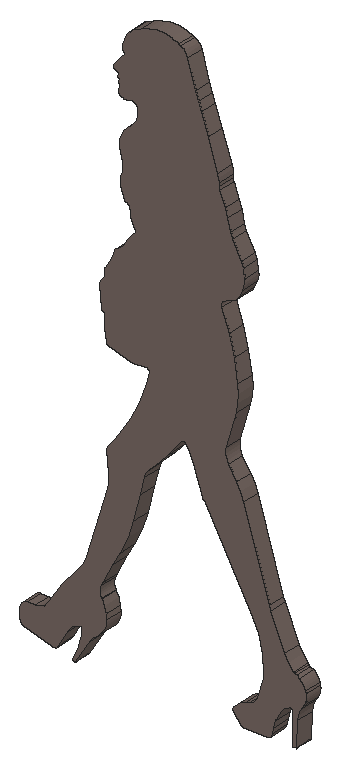
Revit family
Parameters
  Human Finish [instance] = Human Flesh
  Human Depth [instance] = 0' - 2"
Reference planes (in)
  plane 1 "Center (Front/Back)": y = 0
  plane 2: z = 0
  plane 3 "Center (Left/Right)": x = 0
  plane 4: z = 70
Forms (in)
  Extrusion 1, solid, material "Human Flesh" <- "Human Finish"
    sketch origin (0, 0, 0) x (1, 0, 0) y (0, 0, 1)
      loop
        arc (-9.78459, 0.01997) -> (-9.75392, 0.01567) -> (-9.72888, 0.0339) r 0.04131
        line (-9.72888, 0.0339) -> (-7.94922, 2.89058)
        arc (-7.94922, 2.89058) -> (-7.58617, 3.36471) -> (-7.13905, 3.76056) r 3.10431
        line (-7.13905, 3.76056) -> (-6.84131, 3.97689)
        arc (-6.84131, 3.97689) -> (-6.18979, 4.78145) -> (-6.02783, 5.80398) r 2
        line (-6.02783, 5.80398) -> (-6.0872, 6.36879)
        arc (-6.0872, 6.36879) -> (-6.24311, 7.11837) -> (-6.54533, 7.82182) r 3.82093
        line (-6.54533, 7.82182) -> (-6.58643, 7.89595)
        arc (-6.58643, 7.89595) -> (-6.77358, 8.57082) -> (-6.63396, 9.25709) r 1.5
        line (-6.63396, 9.25709) -> (-6.45028, 9.65099)
        arc (-6.45028, 9.65099) -> (-5.87523, 10.81707) -> (-5.24987, 11.95696) r 29.79984
        line (-5.24987, 11.95696) -> (-4.40411, 13.42186)
        arc (-4.40411, 13.42186) -> (-3.47144, 15.33411) -> (-2.81399, 17.35755) r 15.25
        line (-2.81399, 17.35755) -> (-2.0624, 20.37202) -> (-1.54322, 22.45432)
        arc (-1.54322, 22.45432) -> (-1.32557, 22.99986) -> (-0.97006, 23.46739) r 2.17776
        line (-0.97006, 23.46739) -> (0.36286, 24.8003)
        arc (0.36286, 24.8003) -> (0.88357, 25.35384) -> (1.36952, 25.93813) r 12.44266
        line (1.36952, 25.93813) -> (2.88201, 27.87402)
        arc (2.88201, 27.87402) -> (2.90515, 27.89276) -> (2.93417, 27.89946) r 0.06619
        line (2.93417, 27.89946) -> (3.10814, 27.89946)
        arc (3.10814, 27.89946) -> (3.14762, 27.89053) -> (3.17942, 27.86547) r 0.09172
        line (3.17942, 27.86547) -> (3.4474, 27.53453)
        arc (3.4474, 27.53453) -> (3.6249, 27.28104) -> (3.76539, 27.00532) r 2.21809
        line (3.76539, 27.00532) -> (4.24387, 25.87807)
        arc (4.24387, 25.87807) -> (4.50517, 25.21474) -> (4.73139, 24.53865) r 13.61764
        line (4.73139, 24.53865) -> (5.26324, 22.79902)
        arc (5.26324, 22.79902) -> (5.32071, 22.66995) -> (5.4077, 22.55861) r 0.57969
        line (5.4077, 22.55861) -> (5.55274, 22.41357)
        arc (5.55274, 22.41357) -> (5.62537, 22.33002) -> (5.68566, 22.23717) r 0.79352
        line (5.68566, 22.23717) -> (10.99709, 12.6551)
        arc (10.99709, 12.6551) -> (12.16154, 9.70183) -> (12.52403, 6.54805) r 12.19113
        arc (12.52403, 6.54805) -> (12.48737, 6.14472) -> (12.39124, 5.75129) r 2.72039
        line (12.39124, 5.75129) -> (11.75295, 3.78685)
        arc (11.75295, 3.78685) -> (11.38817, 3.2188) -> (10.79143, 2.90313) r 1.32954
        line (10.79143, 2.90313) -> (10.41251, 2.81446)
        arc (10.41251, 2.81446) -> (9.92734, 2.63194) -> (9.50538, 2.33086) r 2
        line (9.50538, 2.33086) -> (9.0266, 1.8851)
        arc (9.0266, 1.8851) -> (8.89965, 1.6223) -> (8.98371, 1.3428) r 0.40244
        line (8.98371, 1.3428) -> (9.87158, 0.20637)
        arc (9.87158, 0.20637) -> (10.00692, 0.09677) -> (10.17661, 0.0576) r 0.38708
        line (10.17661, 0.0576) -> (12.86956, 0.0576)
        arc (12.86956, 0.0576) -> (13.34662, 0.22888) -> (13.60578, 0.66449) r 0.75
        line (13.60578, 0.66449) -> (13.7378, 1.34366)
        arc (13.7378, 1.34366) -> (13.83839, 1.77083) -> (13.97218, 2.18879) r 5.58906
        line (13.97218, 2.18879) -> (13.99095, 2.24038)
        arc (13.99095, 2.24038) -> (14.58351, 3.28772) -> (15.48476, 4.08507) r 3.64544
        line (15.48476, 4.08507) -> (15.52187, 4.10827)
        arc (15.52187, 4.10827) -> (15.77555, 4.11491) -> (15.90435, 3.89625) r 0.25
        line (15.90435, 3.89625) -> (15.90435, 0.15414)
        arc (15.90435, 0.15414) -> (15.93375, 0.08317) -> (16.00473, 0.05377) r 0.10038
        line (16.00473, 0.05377) -> (16.34849, 0.05377)
        arc (16.34849, 0.05377) -> (16.38901, 0.06993) -> (16.40727, 0.10955) r 0.05887
        line (16.40727, 0.10955) -> (16.56392, 3.09856)
        arc (16.56392, 3.09856) -> (16.7135, 3.86808) -> (17.0694, 4.56657) r 2.81639
        line (17.0694, 4.56657) -> (17.27852, 4.86522)
        arc (17.27852, 4.86522) -> (17.55584, 5.51854) -> (17.54345, 6.22817) r 1.70683
        line (17.54345, 6.22817) -> (17.47184, 6.53832)
        arc (17.47184, 6.53832) -> (17.21751, 7.12325) -> (16.77046, 7.57817) r 1.75
        line (16.77046, 7.57817) -> (16.37924, 7.85211)
        arc (16.37924, 7.85211) -> (16.29962, 7.9132) -> (16.22562, 7.98101) r 1.15046
        line (16.22562, 7.98101) -> (16.10015, 8.10648)
        arc (16.10015, 8.10648) -> (15.49049, 8.84605) -> (15.03316, 9.68836) r 5
        line (15.03316, 9.68836) -> (13.37575, 13.59297)
        arc (13.37575, 13.59297) -> (13.27093, 13.85906) -> (13.18018, 14.13027) r 5.46264
        line (13.18018, 14.13027) -> (10.17743, 23.95186)
        arc (10.17743, 23.95186) -> (9.8263, 24.87865) -> (9.3572, 25.75168) r 7.57669
        line (9.3572, 25.75168) -> (8.36355, 27.34184)
        arc (8.36355, 27.34184) -> (8.06326, 28.1669) -> (8.12451, 29.04276) r 2.11148
        line (8.12451, 29.04276) -> (9.26508, 33.02042)
        arc (9.26508, 33.02042) -> (9.53536, 34.59335) -> (9.45879, 36.1875) r 7.32997
        line (9.45879, 36.1875) -> (9.04578, 38.79514)
        arc (9.04578, 38.79514) -> (8.80029, 40.00173) -> (8.45058, 41.18234) r 14.11431
        line (8.45058, 41.18234) -> (7.58644, 43.69199)
        arc (7.58644, 43.69199) -> (7.61124, 44.1653) -> (7.95787, 44.48854) r 0.6326
        line (7.95787, 44.48854) -> (9.01662, 44.89495)
        arc (9.01662, 44.89495) -> (9.42116, 45.14773) -> (9.70154, 45.53365) r 1.25
        line (9.70154, 45.53365) -> (10.05843, 46.29901)
        arc (10.05843, 46.29901) -> (10.24006, 46.90249) -> (10.24281, 47.53271) r 2.19601
        line (10.24281, 47.53271) -> (10.08894, 48.62758)
        arc (10.08894, 48.62758) -> (10.01103, 48.97195) -> (9.87739, 49.29875) r 2.13302
        line (9.87739, 49.29875) -> (8.83301, 51.34935)
        arc (8.83301, 51.34935) -> (8.69709, 51.66207) -> (8.60027, 51.98901) r 2.79471
        line (8.60027, 51.98901) -> (8.28347, 53.36121)
        arc (8.28347, 53.36121) -> (8.1546, 53.84214) -> (7.9925, 54.31291) r 7.13333
        line (7.9925, 54.31291) -> (7.34953, 55.98793)
        arc (7.34953, 55.98793) -> (7.29404, 56.18465) -> (7.27534, 56.38819) r 1.11692
        line (7.27534, 56.38819) -> (7.27534, 56.67429)
        arc (7.27534, 56.67429) -> (7.23594, 57.17494) -> (7.1187, 57.66327) r 3.20041
        line (7.1187, 57.66327) -> (5.98861, 61.14133)
        arc (5.98861, 61.14133) -> (5.59192, 62.30995) -> (5.16477, 63.46779) r 47.14123
        line (5.16477, 63.46779) -> (4.77854, 64.47395)
        arc (4.77854, 64.47395) -> (4.59478, 64.98575) -> (4.43353, 65.50508) r 12.46375
        line (4.43353, 65.50508) -> (3.53482, 68.63926)
        arc (3.53482, 68.63926) -> (3.23156, 69.21567) -> (2.72361, 69.62334) r 1.59916
        line (2.72361, 69.62334) -> (2.50649, 69.73396)
        arc (2.50649, 69.73396) -> (0.28017, 70.27874) -> (-1.95532, 69.7729) r 5
        line (-1.95532, 69.7729) -> (-2.898, 69.31312)
        arc (-2.898, 69.31312) -> (-3.32851, 68.99746) -> (-3.6212, 68.55103) r 1.5
        line (-3.6212, 68.55103) -> (-4.12399, 67.36653)
        arc (-4.12399, 67.36653) -> (-4.17651, 67.10838) -> (-4.12399, 66.85024) r 0.66067
        line (-4.12399, 66.85024) -> (-3.95119, 66.44313)
        arc (-3.95119, 66.44313) -> (-3.94068, 66.34318) -> (-3.98786, 66.25445) r 0.17187
        line (-3.98786, 66.25445) -> (-4.10476, 66.13755)
        arc (-4.10476, 66.13755) -> (-4.25444, 65.97844) -> (-4.39412, 65.81049) r 3.57656
        line (-4.39412, 65.81049) -> (-5.1723, 64.81446)
        arc (-5.1723, 64.81446) -> (-5.21379, 64.63113) -> (-5.09871, 64.48251) r 0.22032
        line (-5.09871, 64.48251) -> (-4.69215, 64.27535)
        arc (-4.69215, 64.27535) -> (-4.66982, 64.26167) -> (-4.6499, 64.24466) r 0.1669
        line (-4.6499, 64.24466) -> (-4.6123, 64.20705)
        arc (-4.6123, 64.20705) -> (-4.5773, 64.13838) -> (-4.58936, 64.06224) r 0.12472
        line (-4.58936, 64.06224) -> (-4.68246, 63.87952)
        arc (-4.68246, 63.87952) -> (-4.70438, 63.76411) -> (-4.66084, 63.65499) r 0.20991
        line (-4.66084, 63.65499) -> (-4.55173, 63.51534)
        arc (-4.55173, 63.51534) -> (-4.53307, 63.46856) -> (-4.54246, 63.41907) r 0.09
        line (-4.54246, 63.41907) -> (-4.60768, 63.29109)
        arc (-4.60768, 63.29109) -> (-4.62736, 63.18739) -> (-4.58825, 63.08935) r 0.18861
        line (-4.58825, 63.08935) -> (-4.51995, 63.00192)
        arc (-4.51995, 63.00192) -> (-4.47197, 62.89785) -> (-4.47547, 62.7833) r 0.25
        line (-4.47547, 62.7833) -> (-4.57592, 62.40839)
        arc (-4.57592, 62.40839) -> (-4.54814, 62.05535) -> (-4.30437, 61.79847) r 0.53045
        line (-4.30437, 61.79847) -> (-4.19462, 61.74255)
        arc (-4.19462, 61.74255) -> (-3.86677, 61.64388) -> (-3.52513, 61.66627) r 0.96203
        line (-3.52513, 61.66627) -> (-3.01895, 61.79248)
        arc (-3.01895, 61.79248) -> (-2.77104, 61.76751) -> (-2.59562, 61.59056) r 0.36868
        line (-2.59562, 61.59056) -> (-2.42447, 61.22352)
        arc (-2.42447, 61.22352) -> (-2.34376, 60.95353) -> (-2.3441, 60.67173) r 0.9695
        line (-2.3441, 60.67173) -> (-2.39328, 60.33969)
        arc (-2.39328, 60.33969) -> (-2.6296, 59.66558) -> (-3.09925, 59.12733) r 1.88992
        line (-3.09925, 59.12733) -> (-3.47365, 58.83482)
        arc (-3.47365, 58.83482) -> (-3.83699, 58.47776) -> (-4.1107, 58.04813) r 2.25
        line (-4.1107, 58.04813) -> (-4.38964, 57.47622)
        arc (-4.38964, 57.47622) -> (-4.54868, 56.93056) -> (-4.51646, 56.36311) r 1.67808
        line (-4.51646, 56.36311) -> (-4.18171, 54.91316)
        arc (-4.18171, 54.91316) -> (-4.12656, 54.38881) -> (-4.19983, 53.86668) r 2.16441
        line (-4.19983, 53.86668) -> (-4.33101, 53.37652)
        arc (-4.33101, 53.37652) -> (-4.40665, 52.6554) -> (-4.25585, 51.94618) r 2.31855
        line (-4.25585, 51.94618) -> (-3.87815, 50.96224)
        arc (-3.87815, 50.96224) -> (-3.82702, 50.88425) -> (-3.74815, 50.83449) r 0.21976
        line (-3.74815, 50.83449) -> (-3.56591, 50.76816)
        arc (-3.56591, 50.76816) -> (-3.44587, 50.6841) -> (-3.38394, 50.55129) r 0.2831
        line (-3.38394, 50.55129) -> (-3.2505, 49.79454)
        arc (-3.2505, 49.79454) -> (-3.17537, 49.48752) -> (-3.06081, 49.19293) r 2.41639
        line (-3.06081, 49.19293) -> (-2.68335, 48.38346)
        arc (-2.68335, 48.38346) -> (-2.63816, 48.04016) -> (-2.79804, 47.73303) r 0.57574
        line (-2.79804, 47.73303) -> (-3.17134, 47.35973)
        arc (-3.17134, 47.35973) -> (-3.31983, 47.19335) -> (-3.44854, 47.01123) r 1.96684
        line (-3.44854, 47.01123) -> (-3.89849, 46.29118)
        arc (-3.89849, 46.29118) -> (-4.16108, 45.9669) -> (-4.49432, 45.71579) r 1.71192
        line (-4.49432, 45.71579) -> (-4.81976, 45.5279)
        arc (-4.81976, 45.5279) -> (-4.96404, 45.40683) -> (-5.05821, 45.24372) r 0.54231
        line (-5.05821, 45.24372) -> (-5.2097, 44.82751)
        arc (-5.2097, 44.82751) -> (-5.44694, 44.2686) -> (-5.74131, 43.73754) r 5.80082
        line (-5.74131, 43.73754) -> (-6.17596, 43.04196)
        arc (-6.17596, 43.04196) -> (-6.24397, 42.88921) -> (-6.26724, 42.72363) r 0.6007
        line (-6.26724, 42.72363) -> (-6.26724, 42.43263)
        arc (-6.26724, 42.43263) -> (-6.30597, 42.15699) -> (-6.41919, 41.90271) r 1
        line (-6.41919, 41.90271) -> (-6.74606, 41.37961)
        arc (-6.74606, 41.37961) -> (-6.82368, 41.19674) -> (-6.841, 40.99884) r 0.63496
        line (-6.841, 40.99884) -> (-6.66979, 38.55044)
        arc (-6.66979, 38.55044) -> (-6.64518, 38.47239) -> (-6.58781, 38.41401) r 0.1753
        line (-6.58781, 38.41401) -> (-6.41668, 38.30708)
        arc (-6.41668, 38.30708) -> (-6.3071, 38.1916) -> (-6.26724, 38.03747) r 0.31792
        line (-6.26724, 38.03747) -> (-6.26724, 36.66504)
        arc (-6.26724, 36.66504) -> (-6.2476, 36.21541) -> (-6.18886, 35.7692) r 5.15895
        line (-6.18886, 35.7692) -> (-6.09428, 35.2328)
        arc (-6.09428, 35.2328) -> (-5.99653, 35.03015) -> (-5.8073, 34.90843) r 0.41445
        line (-5.8073, 34.90843) -> (-3.66441, 34.25328)
        arc (-3.66441, 34.25328) -> (-3.17571, 34.1427) -> (-2.67604, 34.10557) r 3.38054
        line (-2.67604, 34.10557) -> (-1.2292, 34.10557)
        arc (-1.2292, 34.10557) -> (-1.03769, 34.01627) -> (-0.983, 33.81216) r 0.25
        line (-0.983, 33.81216) -> (-1.09058, 33.20202)
        arc (-1.09058, 33.20202) -> (-1.22108, 32.63677) -> (-1.40994, 32.08827) r 5.5422
        line (-1.40994, 32.08827) -> (-2.29048, 29.90888)
        arc (-2.29048, 29.90888) -> (-2.73167, 28.94077) -> (-3.25555, 28.0148) r 12.19523
        line (-3.25555, 28.0148) -> (-4.47634, 26.06114)
        arc (-4.47634, 26.06114) -> (-4.82762, 25.54035) -> (-5.21437, 25.04533) r 9
        line (-5.21437, 25.04533) -> (-5.81607, 24.32825)
        arc (-5.81607, 24.32825) -> (-6.00235, 23.97041) -> (-6.01995, 23.56736) r 0.93196
        line (-6.01995, 23.56736) -> (-5.87892, 22.76755)
        arc (-5.87892, 22.76755) -> (-5.78088, 22.02286) -> (-5.74812, 21.27246) r 8.60987
        line (-5.74812, 21.27246) -> (-5.74812, 20.88506)
        arc (-5.74812, 20.88506) -> (-5.7929, 20.28242) -> (-5.92627, 19.69301) r 4.07716
        line (-5.92627, 19.69301) -> (-8.38025, 11.66641)
        arc (-8.38025, 11.66641) -> (-8.7768, 10.77575) -> (-9.37704, 10.00747) r 4
        line (-9.37704, 10.00747) -> (-9.48639, 9.89812)
        arc (-9.48639, 9.89812) -> (-10.38964, 8.90372) -> (-11.19342, 7.82733) r 14
        line (-11.19342, 7.82733) -> (-12.93993, 5.23802)
        arc (-12.93993, 5.23802) -> (-13.63557, 4.61166) -> (-14.54384, 4.3852) r 1.93467
        line (-14.54384, 4.3852) -> (-15.41052, 4.3852)
        arc (-15.41052, 4.3852) -> (-16.01484, 4.13489) -> (-16.26516, 3.53056) r 0.85464
        line (-16.26516, 3.53056) -> (-16.26516, 2.31857)
        arc (-16.26516, 2.31857) -> (-16.15029, 1.97021) -> (-15.85073, 1.7585) r 0.58567
        line (-15.85073, 1.7585) -> (-12.5323, 0.74395)
        arc (-12.5323, 0.74395) -> (-12.03814, 0.76337) -> (-11.6635, 1.08618) r 0.75
        line (-11.6635, 1.08618) -> (-10.56749, 2.98453)
        arc (-10.56749, 2.98453) -> (-10.19598, 3.46434) -> (-9.70976, 3.82742) r 2.25
        line (-9.70976, 3.82742) -> (-9.32465, 4.04089)
        arc (-9.32465, 4.04089) -> (-9.06365, 4.02949) -> (-8.95531, 3.79176) r 0.25
        line (-8.95531, 3.79176) -> (-9.05343, 2.99263)
        arc (-9.05343, 2.99263) -> (-9.17602, 2.36197) -> (-9.38519, 1.7545) r 4.60508
        line (-9.38519, 1.7545) -> (-10.04203, 0.20708)
        arc (-10.04203, 0.20708) -> (-10.04309, 0.18021) -> (-10.02608, 0.15939) r 0.03795
        line (-10.02608, 0.15939) -> (-9.78459, 0.01997)
    from 0 to 2 <- "Human Depth"
